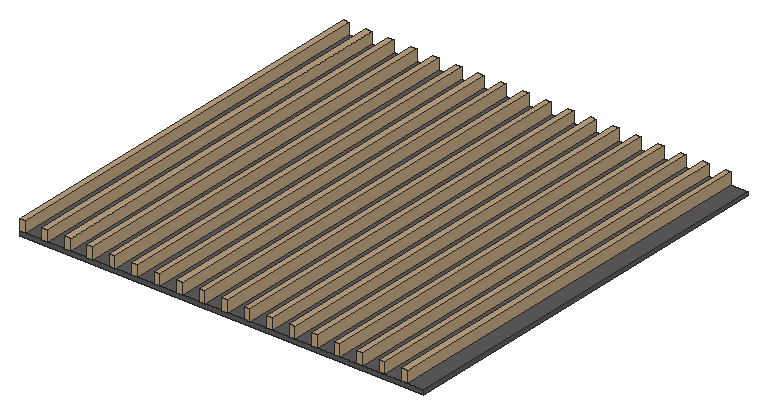
Revit family "RAINIER FINS 1.5in - 36 X 36", category Generic Models, host Face, Revit 2023
Family settings
  Host = Face
  Can host rebar = No
  Round Connector Dimension = Use Diameter
  Part Type = Normal
  Cut with Voids When Loaded = No
  Maintain Annotation Orientation = No
  Shared = No
  Room Calculation Point = No
Parameters (values of type "CHARCOAL  FELT - 1" UMBER WOOD")
  WOOD MATERIAL = Umber
  FELT MATERIAL = Cambio Felt Board - Charcoal
  Default Elevation = 4' - 0"
Types (37): name | WOOD MATERIAL | FELT MATERIAL
  (no name) | Umber | Cambio Felt Board - Charcoal
  STONE FELT - 1" OAK WOOD | Oak - Clear | Cambio Felt Board - Stone
  STONE FELT - 1" UMBER WOOD | Umber | Cambio Felt Board - Stone
  STONE FELT - 1" LEATHER WOOD | Leather | Cambio Felt Board - Stone
  STONE FELT - 1" EBONY WOOD | Ebony | Cambio Felt Board - Stone
  SAND DOLLAR FELT - EBONY WOOD | Ebony | Cambio Felt Board - Sand Dollar
  SAND DOLLAR FELT - 1" LEATHER WOOD | Leather | Cambio Felt Board - Sand Dollar
  SAND DOLLAR FELT - 1" UMBER WOOD | Umber | Cambio Felt Board - Sand Dollar
  SAND DOLLAR FELT - 1" CLEAR OAK WOOD | Oak - Clear | Cambio Felt Board - Sand Dollar
  PEPPER FELT - 1" CLEAR OAK WOOD | Oak - Clear | Cambio Felt Board - Pepper
  PEPPER FELT - 1" UMBER WOOD | Umber | Cambio Felt Board - Pepper
  PEPPER FELT - 1" LEATHER WOOD | Leather | Cambio Felt Board - Pepper
  PEPPER FELT - 1" EBONY WOOD | Ebony | Cambio Felt Board - Pepper
  OAT FELT - 1" EBONY WOOD | Ebony | Cambio Felt Board - Oat
  OAT FELT - 1" LEATHER WOOD | Leather | Cambio Felt Board - Oat
  OAT FELT - 1" UMBER WOOD | Umber | Cambio Felt Board - Oat
  OAT FELT - 1" CLEAR OAK WOOD | Oak - Clear | Cambio Felt Board - Oat
  MARBLE FELT - 1" CLEAR OAK WOOD | Oak - Clear | Cambio Felt Board - Marble
  MARBLE FELT - 1" UMBER WOOD | Umber | Cambio Felt Board - Marble
  MARBLE FELT - 1" LEATHER WOOD | Leather | Cambio Felt Board - Marble
  MARBLE FELT - 1" EBONY WOOD | Ebony | Cambio Felt Board - Marble
  GREY FELT - 1" CLEAR OAK WOOD | Oak - Clear | Cambio Felt Board - Grey
  GREY  FELT - 1" UMBER WOOD | Umber | Cambio Felt Board - Grey
  GREY  FELT - 1" LEATHER WOOD | Leather | Cambio Felt Board - Grey
  GREY  FELT - 1" EBONY WOOD | Ebony | Cambio Felt Board - Grey
  EARTH BROWN  FELT - 1" EBONY WOOD | Ebony | Cambio Felt Board - Earth Brown
  EARTH BROWN  FELT - 1" LEATHER WOOD | Leather | Cambio Felt Board - Earth Brown
  EARTH BROWN  FELT - 1" UMBER WOOD | Umber | Cambio Felt Board - Earth Brown
  EARTH BROWN  FELT - 1" CLEAR OAK WOOD | Oak - Clear | Cambio Felt Board - Earth Brown
  CHARCOAL  FELT - 1" CLEAR OAK WOOD | Oak - Clear | Cambio Felt Board - Charcoal
  CHARCOAL  FELT - 1" UMBER WOOD | Umber | Cambio Felt Board - Charcoal
  CHARCOAL  FELT - 1" LEATHER WOOD | Leather | Cambio Felt Board - Charcoal
  CHARCOAL  FELT - 1" EBONY WOOD | Ebony | Cambio Felt Board - Charcoal
  BLACK  FELT - 1" LEATHER WOOD | Leather | Cambio Felt Board - Black
  BLACK  FELT - 1" EBONY WOOD | Ebony | Cambio Felt Board - Black
  BLACK  FELT - 1" UMBER WOOD | Umber | Cambio Felt Board - Black
  BLACK  FELT - 1" CLEAR OAK WOOD | Oak - Clear | Cambio Felt Board - Black
Reference planes (in)
  plane 1 "Center (Front/Back)": y = 0
  plane 2: z = 0
  plane 3 "Center (Left/Right)": x = 0
Dimensions and locks (in)
  aligned and locked: plane 2 to host face
  aligned and locked: level to host face
Nested families (in)
  nested 1: "FELT SUBSTRATE" at (0, 0, 0), type "36 X 36"
  nested 2: "Rainier Fin Stick" at (-17.75, 0, 0.375), type "Rainier Fin 36"
    with Stick Height 0' - 1", LENGTH 3' - 0"
  nested 3: "Rainier Fin Stick" at (-15.75, 0, 0.375), type "Rainier Fin 36"
    with Stick Height 0' - 1", LENGTH 3' - 0"
  nested 4: "Rainier Fin Stick" at (-13.75, 0, 0.375), type "Rainier Fin 36"
    with Stick Height 0' - 1", LENGTH 3' - 0"
  nested 5: "Rainier Fin Stick" at (-11.75, 0, 0.375), type "Rainier Fin 36"
    with Stick Height 0' - 1", LENGTH 3' - 0"
  nested 6: "Rainier Fin Stick" at (-9.75, 0, 0.375), type "Rainier Fin 36"
    with Stick Height 0' - 1", LENGTH 3' - 0"
  nested 7: "Rainier Fin Stick" at (-7.75, 0, 0.375), type "Rainier Fin 36"
    with Stick Height 0' - 1", LENGTH 3' - 0"
  nested 8: "Rainier Fin Stick" at (-5.75, 0, 0.375), type "Rainier Fin 36"
    with Stick Height 0' - 1", LENGTH 3' - 0"
  nested 9: "Rainier Fin Stick" at (-3.75, 0, 0.375), type "Rainier Fin 36"
    with Stick Height 0' - 1", LENGTH 3' - 0"
  nested 10: "Rainier Fin Stick" at (-1.75, 0, 0.375), type "Rainier Fin 36"
    with Stick Height 0' - 1", LENGTH 3' - 0"
  nested 11: "Rainier Fin Stick" at (0.25, 0, 0.375), type "Rainier Fin 36"
    with Stick Height 0' - 1", LENGTH 3' - 0"
  nested 12: "Rainier Fin Stick" at (2.25, 0, 0.375), type "Rainier Fin 36"
    with Stick Height 0' - 1", LENGTH 3' - 0"
  nested 13: "Rainier Fin Stick" at (4.25, 0, 0.375), type "Rainier Fin 36"
    with Stick Height 0' - 1", LENGTH 3' - 0"
  nested 14: "Rainier Fin Stick" at (6.25, 0, 0.375), type "Rainier Fin 36"
    with Stick Height 0' - 1", LENGTH 3' - 0"
  nested 15: "Rainier Fin Stick" at (8.25, 0, 0.375), type "Rainier Fin 36"
    with Stick Height 0' - 1", LENGTH 3' - 0"
  nested 16: "Rainier Fin Stick" at (10.25, 0, 0.375), type "Rainier Fin 36"
    with Stick Height 0' - 1", LENGTH 3' - 0"
  nested 17: "Rainier Fin Stick" at (12.25, 0, 0.375), type "Rainier Fin 36"
    with Stick Height 0' - 1", LENGTH 3' - 0"
  nested 18: "Rainier Fin Stick" at (14.25, 0, 0.375), type "Rainier Fin 36"
    with Stick Height 0' - 1", LENGTH 3' - 0"
  nested 19: "Rainier Fin Stick" at (16.25, 0, 0.375), type "Rainier Fin 36"
    with Stick Height 0' - 1", LENGTH 3' - 0"
Definition of nested family "FELT SUBSTRATE"
  Parameters (values of type "36 X 36")
    FELT WIDTH = 3' - 0"
    FELT THICKNESS = 0' - 0 3/8"
    FELT MATERIAL = none
    FELT HEIGHT = 3' - 0"
    Default Elevation = 4' - 0"
  Types (6): name | FELT WIDTH | FELT HEIGHT
    (no name) | 3' - 0" | 3' - 0"
    18 X 18 | 1' - 6" | 1' - 6"
    18 X 36 | 1' - 6" | 3' - 0"
    18 X 54 | 1' - 6" | 4' - 6"
    18 X 90 | 1' - 6" | 7' - 6"
    36 X 36 | 3' - 0" | 3' - 0"
  Reference planes (in)
    plane 1 "Center (Front/Back)": y = 0
    plane 2: z = 0
    plane 3 "Center (Left/Right)": x = 0
  Forms (in)
    Extrusion 1, solid
      sketch origin (0, 0, 0) x (1, 0, 0) y (0, 1, 0)
        loop
          line (-48, 48) -> (-48, -48) -> (48, -48) -> (48, 48) -> (-48, 48)
      from 0 to -12
    Extrusion 2, solid, material <- "FELT MATERIAL"
      sketch origin (0, 0, 0) x (1, 0, 0) y (0, 1, 0)
        loop
          line (-18, 18) -> (-18, -18) -> (18, -18) -> (18, 18) -> (-18, 18)
      from 0 to 0.375 <- "FELT THICKNESS"
  Dimensions and locks (in)
    equal spacing: Extrusion 2 sketch curve, plane 3 "Center (Left/Right)", Extrusion 2 sketch curve
    equal spacing: Extrusion 2 sketch curve, plane 1 "Center (Front/Back)", Extrusion 2 sketch curve
    "FELT WIDTH": Extrusion 2 sketch curve to Extrusion 2 sketch curve
    "FELT HEIGHT": Extrusion 2 sketch curve to Extrusion 2 sketch curve
    aligned and locked: plane 2 to Extrusion 1
    aligned and locked: level to Extrusion 1
  Automatic sketch dimensions
    Extrusion 1 sketch curve to Extrusion 1 sketch curve = 8' - 0"  (x2)
Definition of nested family "Rainier Fin Stick"
  Parameters (values of type "Rainier Fin")
    Stick Height = 0' - 1 1/2"
    Stick Width = 0' - 0 1/2"
    Material = none
    LENGTH = 4' - 0"
    Default Elevation = 4' - 0"
  Reference planes (in)
    plane 1 "Center (Front/Back)": y = 0
    plane 2: z = 0
    plane 3 "Center (Left/Right)": x = 0
  Forms (in)
    Extrusion 1, solid
      sketch origin (0, 0, 0) x (1, 0, 0) y (0, 1, 0)
        loop
          line (-48, 48) -> (-48, -48) -> (48, -48) -> (48, 48) -> (-48, 48)
      from 0 to -12
    Extrusion 2, solid, material <- "Material"
      sketch origin (0, 0, 0) x (1, 0, 0) y (0, 1, 0)
        loop
          line (-0.25, 24) -> (-0.25, -24) -> (0.25, -24) -> (0.25, 24) -> (-0.25, 24)
      from 0 to 1.5
  Dimensions and locks (in)
    equal spacing: Extrusion 2 sketch curve, plane 3 "Center (Left/Right)", Extrusion 2 sketch curve
    equal spacing: Extrusion 2 sketch curve, plane 1 "Center (Front/Back)", Extrusion 2 sketch curve
    "Stick Width": Extrusion 2 to Extrusion 2
    "LENGTH": Extrusion 2 to Extrusion 2
    "Stick Height": Extrusion 2 to Extrusion 1
    aligned and locked: plane 2 to Extrusion 1
    aligned and locked: level to Extrusion 1
  Automatic sketch dimensions
    Extrusion 1 sketch curve to Extrusion 1 sketch curve = 8' - 0"  (x2)
    Extrusion 2 sketch curve to plane 3 "Center (Left/Right)" = 0' - 0 1/4"
    plane 1 "Center (Front/Back)" to Extrusion 2 sketch curve = 2' - 0"
